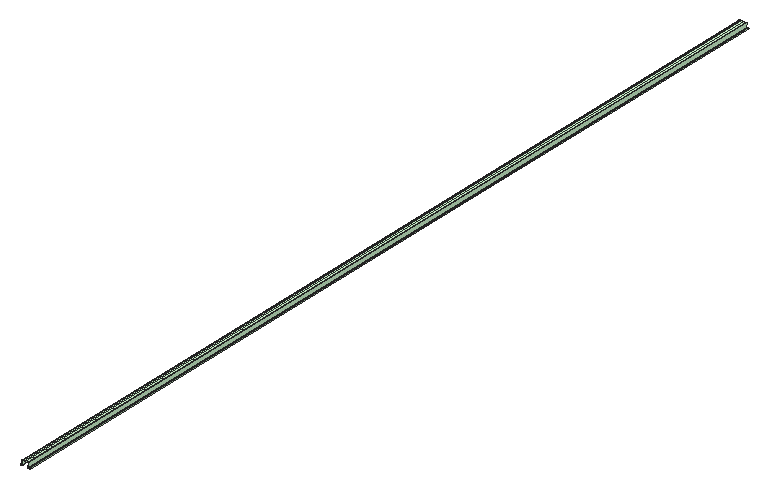
Revit family "キング用根太鋼", category 機械設備, Revit 2020
Family settings
  丸型コネクタ寸法 = 直径を使用
  種別 = なし
  パーツ タイプ = 標準
  作業面ベース = いいえ
  常に垂直 = はい
  ロード時にボイドで切り取り = いいえ
  共有 = いいえ
  部屋計算ポイント = いいえ
Parameters
  製造元 = "株式会社桐井製作所"
  既定の高さ = 0 mm
  URL = "https://www.kirii.co.jp/"
  K_表面処理 = "Z12以上"
  K_材質 = "溶融亜鉛めっき鋼板及び鋼帯及び鋼帯 JIS G 3302"
  K_名称 = "キング用根太鋼"
  K_単位質量(kg/m) = 8.478
  K_バージョン情報 = "20221219"
Reference planes
  plane 1 "中心(正面/背面)": y = 0
  plane 2: z = 0
  plane 3 "中心(左/右)": x = 0
Forms (mm)
  Extrusion 1, solid
    sketch origin (0, 0, 0) x (1, 0, 0) y (0, 0, 1)
      loop
        line (-5.235, 28.4) -> (0, 26.83) -> (5.235, 28.4) -> (16.8, 28.4)
        arc (16.8, 28.4) -> (17.908, 27.954) -> (18.399, 26.864) r 1.6
        line (18.399, 26.864) -> (16.1, 3.179)
        arc (16.1, 3.179) -> (17.045, 0.93) -> (19.3, 0) r 3.2
        line (19.3, 0) -> (28.3, 0)
        arc (28.3, 0) -> (30.563, 0.937) -> (31.5, 3.2) r 3.2
        line (31.5, 3.2) -> (31.5, 5.1) -> (29.9, 5.1) -> (29.9, 3.2)
        arc (29.9, 3.2) -> (29.431, 2.069) -> (28.3, 1.6) r 1.6
        line (28.3, 1.6) -> (19.3, 1.6)
        arc (19.3, 1.6) -> (18.197, 2.041) -> (17.702, 3.121) r 1.6
        line (17.702, 3.121) -> (20, 26.8)
        arc (20, 26.8) -> (19.063, 29.063) -> (16.8, 30) r 3.2
        line (16.8, 30) -> (5, 30) -> (0, 28.5) -> (-5, 30) -> (-16.8, 30)
        arc (-16.8, 30) -> (-19.063, 29.063) -> (-20, 26.8) r 3.2
        line (-20, 26.8) -> (-17.702, 3.121)
        arc (-17.702, 3.121) -> (-18.197, 2.041) -> (-19.3, 1.6) r 1.6
        line (-19.3, 1.6) -> (-28.3, 1.6)
        arc (-28.3, 1.6) -> (-29.431, 2.069) -> (-29.9, 3.2) r 1.6
        line (-29.9, 3.2) -> (-29.9, 5.1) -> (-31.5, 5.1) -> (-31.5, 3.2)
        arc (-31.5, 3.2) -> (-30.563, 0.937) -> (-28.3, 0) r 3.2
        line (-28.3, 0) -> (-19.3, 0)
        arc (-19.3, 0) -> (-17.045, 0.93) -> (-16.1, 3.179) r 3.2
        line (-16.1, 3.179) -> (-18.399, 26.864)
        arc (-18.399, 26.864) -> (-17.908, 27.954) -> (-16.8, 28.4) r 1.6
        line (-16.8, 28.4) -> (-5.235, 28.4)
    from -2700 to 2700
Dimensions and locks
  aligned and locked: level to plane 2
